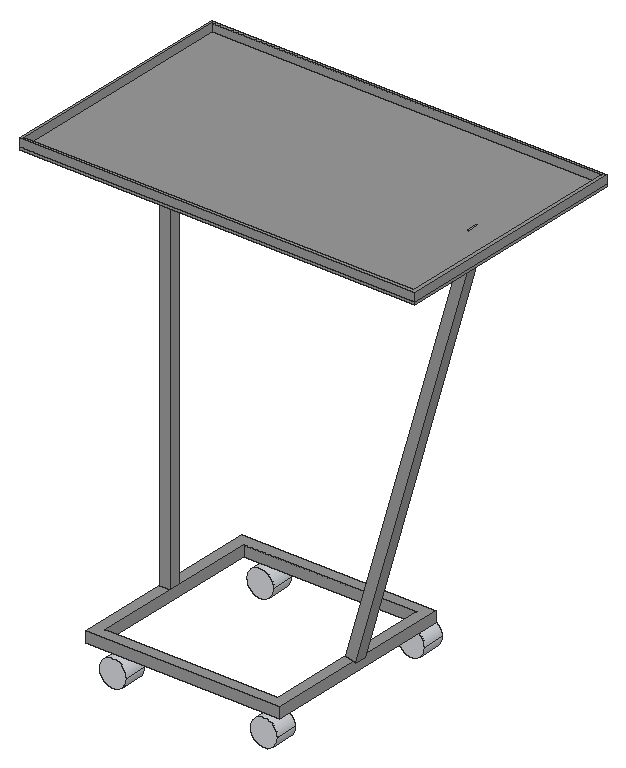
Revit family "АВЛН_Столик медицинский инструментрый", category Мебель, Revit 2019
Family settings
  Номер OmniClass = 23.40.20.00
  Заголовок OmniClass = General Furniture and Specialties
  На основе рабочей плоскости = Нет
  Всегда вертикально = Да
  При загрузке вырезать с полостями = Нет
  Общий = Нет
  Точка расчета площади = Нет
Parameters (values of type "Столик медицинский инструментальный")
  Описание = "Столик медицинский инструментальный; номин.\r\nнагрузка: 20 кг\r\n740х450х885(h), мм"
  М. основы = Сталь, гальванизированная
  Type Comments = ""
  Keynote = ""
  Изготовитель = "\"Первая Детская\r\nКомпания\" Москва"
  Группа модели = "Оборудование основных помещений школы"  # constant formula
  ADSK_Размер_Ширина = 450 mm
  ADSK_Размер_Длина = 740 mm
  ADSK_Размер_Высота = 885 mm
  ADSK_Обозначение = "СИ-04 нерж./нерж"
  ADSK_Масса = 0
  ADSK_Код изделия = ""
  ADSK_Единица измерения = "шт"  # constant formula
Reference planes
  plane 1 "По центру (Вперед/Назад)": y = 0
  plane 2: z = 0
  plane 3 "По центру (Влево/Вправо)": x = 0
  plane 4: z = 885
  plane 5: y = 225
  plane 6: x = 370
  plane 7: x = -370
  plane 8: y = -225
Forms (mm)
  Extrusion 1, solid, material "Сталь, гальванизированная" <- "М. основы"
    sketch origin (0, -518.993, 607.711) x (-1, 0, 0) y (0, -1, 0)
      loop
        line (-370, -743.993) -> (370, -743.993) -> (370, -293.993) -> (-370, -293.993) -> (-370, -743.993)
      loop
        line (366, -738.993) -> (366, -298.993) -> (-365, -298.993) -> (-365, -738.993) -> (366, -738.993)
    from 262.289 to 277.289
  Extrusion 2, solid, material "Сталь, гальванизированная" <- "М. основы"
    sketch origin (0, -518.993, 592.976) x (-1, 0, 0) y (0, -1, 0)
      loop
        line (370, -743.993) -> (370, -293.993) -> (-370, -293.993) -> (-370, -743.993) -> (370, -743.993)
    from 272.024 to 277.024
  Sweep 3, solid, material "Сталь, гальванизированная" <- "М. основы"
    path origin (0, -518.993, 70) x (-1, 0, 0) y (0, -1, 0)
      loop
        line (-83.24, -702.202) -> (280, -702.202) -> (280, -335.784) -> (-83.24, -335.784) -> (-83.24, -702.202)
    profile origin (-98.38, 183.209, 70) x (0, -1, 0) y (0, 0, 1)
      loop
        line (0, 0) -> (0, -20) -> (20, -20) -> (20, 0) -> (0, 0)
  Sweep 4, solid, material "Сталь, гальванизированная" <- "М. основы"
    path origin (0, 0, 0) x (1, 0, 0) y (0, 0, 1)
      loop
        line (-260, 70) -> (-260, 865)
    profile origin (-260, 0, 467.5) x (-1, 0, 0) y (0, -1, 0)
      loop
        line (0, -9.99) -> (20, -9.99) -> (20, 9.99) -> (0, 9.99) -> (0, -9.99)
  Extrusion 5, solid
    sketch origin (-41.098, 0, 3.054) x (1, 0, 0) y (0, 0, 1)
      loop
        circle (104.338, 21.946) r 25
    from 153.618 to 194.538
  Extrusion 6, solid
    sketch origin (-323.908, 0, 3.054) x (1, 0, 0) y (0, 0, 1)
      loop
        circle (104.338, 21.946) r 25
    from 153.618 to 194.538
  Extrusion 7, solid
    sketch origin (-41.098, 345, 3.054) x (1, 0, 0) y (0, 0, 1)
      loop
        circle (104.338, 21.946) r 25
    from 153.618 to 194.538
  Extrusion 8, solid
    sketch origin (-323.908, 345, 3.054) x (1, 0, 0) y (0, 0, 1)
      loop
        circle (104.338, 21.946) r 25
    from 153.618 to 194.538
  Sweep 9, solid, material "Сталь, гальванизированная" <- "М. основы"
    path origin (60, 0, 0) x (1, 0, 0) y (0, 0, 1)
      loop
        line (28.316, 70) -> (256.279, 865)
    profile origin (202.298, 0, 467.5) x (-0.961262, 0, 0.275637) y (0, -1, 0)
      loop
        line (0, -9.99) -> (20, -9.99) -> (20, 9.99) -> (0, 9.99) -> (0, -9.99)
Cuts and joins
  joined: Extrusion 2, Sweep 9
Dimensions and locks
  plane 2 to plane 4 = 885 mm
  equal spacing: plane 8, plane 1 "По центру (Вперед/Назад)", plane 5
  equal spacing: plane 7, plane 3 "По центру (Влево/Вправо)", plane 6
  "ADSK_Размер_Длина": plane 7 to plane 6
  "ADSK_Размер_Ширина": plane 5 to plane 8
  "ADSK_Размер_Высота": plane 2 to plane 4
  locked: Extrusion 1 sketch curve to plane 6 at 5
  locked: plane 7 to Extrusion 1 sketch curve at 4
  locked: plane 5 to Extrusion 1 sketch curve at 5
  locked: Extrusion 1 sketch curve to plane 8 at 5
  locked: Extrusion 1 to plane 4 at 15
  locked: Extrusion 2 to Extrusion 2 at 5
  equal spacing: Sweep 3 sketch curve, plane 1 "По центру (Вперед/Назад)", Sweep 3 sketch curve
  Sweep 3 sketch curve to plane 3 "По центру (Влево/Вправо)" = 280 mm
  locked: Sweep 3 to level at 70
  equal spacing: Sweep 4 sketch curve, profile plane, Sweep 4 sketch curve
  equal spacing: Sweep 9 sketch curve, profile plane, Sweep 9 sketch curve
  aligned and locked: level to plane 2
  aligned and locked: Extrusion 1 sketch curve to plane 5
  aligned and locked: plane 6 to Extrusion 1 sketch curve
  aligned and locked: Extrusion 1 sketch curve to plane 8
  aligned and locked: Extrusion 1 sketch curve to plane 7
  aligned and locked: Extrusion 1 to plane 4
  aligned and locked: Extrusion 2 sketch curve to Extrusion 1  (x4)
  aligned and locked: Extrusion 2 to Extrusion 1
  aligned and locked: Extrusion 2 to Sweep 4 sketch curve
  aligned and locked: Sweep 3 to Sweep 4 sketch curve
Automatic sketch dimensions
  Sweep 3 sketch curve to profile plane = 0 mm  (x2)
  Sweep 3 sketch curve to Sweep 3 sketch curve = 20 mm
  Sweep 3 sketch curve to profile plane = 20 mm
  plane 7 to Sweep 4 sketch curve = 110 mm
  Sweep 4 sketch curve to profile plane = 0 mm
  plane 1 "По центру (Вперед/Назад)" to Sweep 4 sketch curve = 9.99 mm
  Sweep 4 sketch curve to profile plane = 20 mm
  level to Extrusion 5 sketch curve = 25 mm
  plane 3 "По центру (Влево/Вправо)" to Extrusion 5 sketch curve = 63.24 mm
  level to Extrusion 6 sketch curve = 25 mm
  plane 7 to Extrusion 6 sketch curve = 150.43 mm
  level to Extrusion 7 sketch curve = 25 mm
  plane 3 "По центру (Влево/Вправо)" to Extrusion 7 sketch curve = 63.24 mm
  level to Extrusion 8 sketch curve = 25 mm
  plane 7 to Extrusion 8 sketch curve = 150.43 mm
  Sweep 9 sketch curve to profile plane = 0 mm
  plane 1 "По центру (Вперед/Назад)" to Sweep 9 sketch curve = 9.99 mm
  Sweep 9 sketch curve to profile plane = 20 mm
  plane 3 "По центру (Влево/Вправо)" to Sweep 9 sketch curve = 88.316 mm
  level to Sweep 9 sketch curve = 70 mm
  plane 4 to Sweep 9 sketch curve = 20 mm
  Sweep 9 sketch curve to plane 6 = 53.721 mm
  Sweep 3 sketch curve to plane 5 = 41.791 mm
  plane 3 "По центру (Влево/Вправо)" to Sweep 3 sketch curve = 83.24 mm
  radius of Extrusion 5 sketch curve = 25 mm
  radius of Extrusion 6 sketch curve = 25 mm
  radius of Extrusion 7 sketch curve = 25 mm
  radius of Extrusion 8 sketch curve = 25 mm
